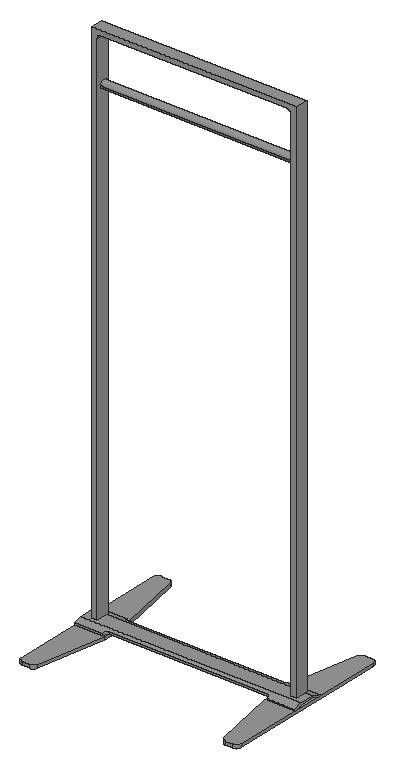
Revit family "Magnuson-Arrange-Coat_Hanger", category Furniture, Revit 2014
Parameters (values of type "Arnage-PC-P")
  Shlf Vsblty = no
  Frame = MG - Steel, Wrought
  Width = 27 15/32"  # constant formula
  URL = "www.magnusongroup.com"
  Type Comments = "Racks"  # constant formula
  Shlf Dist = 6.53082"
  Shelf = MG - Steel, Wrought
  Salvage or Reuse = yes
  Percentage of Recycled Content = 0
  Model = "Arnage-PC-P"
  Material = ""
  Manufacturer = "MAGNUSON"  # constant formula
  Low Emitting Material = yes
  Low Emitting Finish = yes
  Keynote = "12500"
  Height = 66 15/16"
  Description = "Steel Floor Rack With Hanger Rod"
  Depth = 21 85/128"  # constant formula
  Assembly Code = "E2020200"
Types (3): name | Shlf Vsblty | Shlf Dist | Model | Height | Description
  (no name) | no | 6.53082" | "Arnage-PC-P" | 66 15/16" | "Steel Floor Rack With Hanger Rod"
  Arnage-PC-PT | yes | 16 9/32" | "Arnage-PC-PT" | 72 1/4" | "Steel Floor Rack With Hanger Rod and Shelf"
  Arnage-PC-P | no | 6.53082" | "Arnage-PC-P" | 66 15/16" | "Steel Floor Rack With Hanger Rod"
Reference planes (in)
  plane 1 "Center Front/Back": y = 0
  plane 2: z = 0
  plane 3 "Center Left/Right": x = 0
  plane 4: z = 0.38139
  plane 5: z = 66.9375
  plane 6: x = 13.72682
  plane 7: x = 9.98633
  plane 8: x = -13.74193
  plane 9: x = -9.98633
  plane 10: z = 0.87764
  plane 11: y = 1.90271
  plane 12: y = -1.90271
  plane 13: y = 10.8318
  plane 14: y = -10.83226
  plane 15: z = 60.40668
Forms (in)
  Extrusion 1, solid, material "MG - Steel, Wrought" <- "Frame"
    sketch origin (0, 0, 0) x (1, 0, 0) y (0, 1, 0)
      loop
        line (-13.74193, 10.24124) -> (-13.74193, -10.20676)
        arc (-13.74193, -10.20676) -> (-13.55735, -10.65043) -> (-13.11255, -10.83226) r 0.62551
        line (-13.11255, -10.83226) -> (-12.2025, -10.83226)
        arc (-12.2025, -10.83226) -> (-11.82754, -10.69488) -> (-11.63009, -10.34778) r 0.58039
        line (-11.63009, -10.34778) -> (-9.98633, -1.96499) -> (-9.98633, 1.96723) -> (-11.63076, 10.35403)
        arc (-11.63076, 10.35403) -> (-11.83475, 10.69696) -> (-12.21029, 10.8318) r 0.59036
        line (-12.21029, 10.8318) -> (-13.15137, 10.8318)
        arc (-13.15137, 10.8318) -> (-13.56896, 10.65883) -> (-13.74193, 10.24124) r 0.59056
      loop
        arc (13.72682, 10.24124) -> (13.55385, 10.65883) -> (13.13626, 10.8318) r 0.59056
        line (13.13626, 10.8318) -> (12.19518, 10.8318)
        arc (12.19518, 10.8318) -> (11.81964, 10.69696) -> (11.61565, 10.35403) r 0.59036
        line (11.61565, 10.35403) -> (9.98633, 1.96723) -> (9.98633, -1.96499) -> (11.61498, -10.34778)
        arc (11.61498, -10.34778) -> (11.81243, -10.69488) -> (12.18739, -10.83226) r 0.58039
        line (12.18739, -10.83226) -> (13.09744, -10.83226)
        arc (13.09744, -10.83226) -> (13.54224, -10.65043) -> (13.72682, -10.20676) r 0.62551
        line (13.72682, -10.20676) -> (13.72682, 10.24124)
    from 0 to 0.38139
  Extrusion 2, solid, material "MG - Steel, Wrought" <- "Frame"
    sketch origin (0, 0, 0) x (1, 0, 0) y (0, 1, 0)
      loop
        arc (10.26192, 1.90271) -> (10.17519, 1.59861) -> (9.88789, 1.4665) r 0.37846
        line (9.88789, 1.4665) -> (-9.88789, 1.4665)
        arc (-9.88789, 1.4665) -> (-10.17519, 1.59861) -> (-10.26192, 1.90271) r 0.37846
        line (-10.26192, 1.90271) -> (-13.74193, 1.90271) -> (-13.74193, -1.90271) -> (-10.26192, -1.90271)
        arc (-10.26192, -1.90271) -> (-10.1757, -1.59778) -> (-9.88789, -1.46518) r 0.37864
        line (-9.88789, -1.46518) -> (9.88789, -1.46518)
        arc (9.88789, -1.46518) -> (10.1757, -1.59778) -> (10.26192, -1.90271) r 0.37864
        line (10.26192, -1.90271) -> (13.72682, -1.90271) -> (13.72682, 1.90271) -> (10.26192, 1.90271)
    from 0.38139 to 0.87764
  Extrusion 3, solid, material "MG - Steel, Wrought" <- "Frame"
    sketch origin (0, 0, 0) x (1, 0, 0) y (0, 0, 1)
      loop
        line (-12.72068, 66.9375) -> (-12.72068, 0.87764) -> (-12.05792, 0.87764) -> (-12.05792, 65.84198)
        arc (-12.05792, 65.84198) -> (-11.91147, 66.19553) -> (-11.55792, 66.34198) r 0.5
        line (-11.55792, 66.34198) -> (11.59745, 66.34198)
        arc (11.59745, 66.34198) -> (11.95101, 66.19553) -> (12.09745, 65.84198) r 0.5
        line (12.09745, 65.84198) -> (12.09745, 0.87764) -> (12.76022, 0.87764) -> (12.76022, 66.9375) -> (-12.72068, 66.9375)
    from -1.05773 to 0.51227
  Extrusion 4, void
    sketch origin (0, 0, 0) x (0, 1, 0) y (0, 0, 1)
      loop
        line (1.90271, 0.87764) -> (0.96593, 0.87764) -> (1.90271, 0.57172) -> (1.90271, 0.87764)
      loop
        line (-1.90271, 0.87764) -> (-1.90271, 0.57172) -> (-0.96593, 0.87764) -> (-1.90271, 0.87764)
      loop
        line (1.84093, 0.38139) -> (0.95079, 0.67392) -> (-0.94384, 0.67392) -> (-1.83961, 0.38139) -> (1.84093, 0.38139)
    from -13.74193 to 13.72682
Cuts and joins
  Extrusion 4 cuts Extrusion 2
Lines and regions (in)
  symbolic lines
    curve 1: line (-13.74193, 10.24124, 0) -> (-13.74193, -10.20676, 0)
    curve 2: arc (-13.74193, -10.20676, 0) -> (-13.55735, -10.65043, 0) -> (-13.11255, -10.83226, 0) r 0.62551
    curve 3: line (-13.11255, -10.83226, 0) -> (-12.2025, -10.83226, 0)
    curve 4: arc (-12.2025, -10.83226, 0) -> (-11.82754, -10.69488, 0) -> (-11.63009, -10.34778, 0) r 0.58039
    curve 5: line (-11.63009, -10.34778, 0) -> (-9.98633, -1.96499, 0)
    curve 6: line (-9.98633, -1.96499, 0) -> (-9.98633, 1.96723, 0)
    curve 7: line (-9.98633, 1.96723, 0) -> (-11.60734, 10.31123, 0)
    curve 8: arc (-11.60734, 10.31123, 0) -> (-11.81868, 10.67591, 0) -> (-12.21029, 10.8318, 0) r 0.64406
    curve 9: line (-12.21029, 10.8318, 0) -> (-13.15137, 10.8318, 0)
    curve 10: arc (-13.15137, 10.8318, 0) -> (-13.56896, 10.65883, 0) -> (-13.74193, 10.24124, 0) r 0.59056
    curve 11: line (13.72682, 10.17212, 0) -> (13.72682, -10.20676, 0)
    curve 12: arc (13.72682, -10.20676, 0) -> (13.54224, -10.65043, 0) -> (13.09744, -10.83226, 0) r 0.62551
    curve 13: line (13.09744, -10.83226, 0) -> (12.18739, -10.83226, 0)
    curve 14: arc (12.18739, -10.83226, 0) -> (11.81243, -10.69488, 0) -> (11.61498, -10.34778, 0) r 0.58039
    curve 15: line (11.61498, -10.34778, 0) -> (9.98633, -1.96499, 0)
    curve 16: line (9.98633, -1.96499, 0) -> (9.98633, 1.96723, 0)
    curve 17: line (9.98633, 1.96723, 0) -> (11.61565, 10.35403, 0)
    curve 18: arc (11.61565, 10.35403, 0) -> (11.81964, 10.69696, 0) -> (12.19518, 10.8318, 0) r 0.59036
    curve 19: line (12.19518, 10.8318, 0) -> (13.13626, 10.8318, 0)
    curve 20: arc (13.13626, 10.8318, 0) -> (13.57896, 10.63394, 0) -> (13.72682, 10.17212, 0) r 0.59419
    curve 21: line (-9.98633, 1.4665, 0) -> (9.98633, 1.4665, 0)
    curve 22: line (-9.98633, -1.46518, 0) -> (9.98633, -1.46518, 0)
    curve 23: line (-12.72068, 1.05773, 0) -> (-12.72068, -0.51227, 0)
    curve 24: line (-12.72068, -0.51227, 0) -> (-13.74193, -0.51227, 0)
    curve 25: line (-12.72068, 1.05773, 0) -> (-13.74193, 1.05773, 0)
    curve 26: line (12.72068, 1.05773, 0) -> (12.72068, -0.51227, 0)
    curve 27: line (12.72068, -0.51227, 0) -> (13.74193, -0.51227, 0)
    curve 28: line (12.72068, 1.05773, 0) -> (13.74193, 1.05773, 0)
Dimensions and locks (in)
  "Depth": plane 14 to plane 13
  plane 12 to plane 1 "Center Front/Back" to plane 11 = 1.90271" locked, 1.90271" locked
  "Width": plane 8 to plane 6
  equal spacing: plane 9, plane 3 "Center Left/Right", plane 7
  locked: plane 12 to Extrusion 2 sketch curve at 0.43754
  locked: plane 11 to Extrusion 2 sketch curve at 0.43622
  locked: plane 9 to Extrusion 2 sketch curve at 0.09845  (x2)
  locked: Extrusion 2 sketch curve to plane 7 at 0.09845  (x2)
  locked: plane 5 to Extrusion 3 sketch curve at 0.59552
  Extrusion 3 sketch curve to Extrusion 3 sketch curve to plane 8 = 0.66276" locked, 1.02125" locked
  Extrusion 3 sketch curve to Extrusion 3 sketch curve to plane 6 = 0.66276" locked, 0.9666" locked
  plane 11 to Extrusion 3 to plane 1 "Center Front/Back" to Extrusion 3 to plane 12 = 0.84498" locked, 1.05773" locked, 0.51227" locked, 1.39045" locked
  locked: plane 10 to Extrusion 4 sketch curve at 0.20372
  level to Extrusion 4 = 0.87764"
  "Shlf Dist": plane 5 to plane 15
  "Height": plane 5 to level
  locked: nested 1 to plane 1 "Center Front/Back" at 0.375
  curve 27 to plane 1 "Center Front/Back" to curve 28 = 0.51227" locked, 1.05773" locked
  locked: curve 26 to plane 6 at 1.00614
  curve 25 to plane 1 "Center Front/Back" to curve 24 = 1.05773" locked, 0.51227" locked
  locked: plane 8 to Extrusion 3 at 1.02125
  aligned and locked: level to plane 2
  aligned and locked: Extrusion 1 sketch curve to plane 8
  aligned and locked: Extrusion 1 sketch curve to plane 9
  aligned and locked: plane 13 to Extrusion 1 sketch curve
  aligned and locked: plane 14 to Extrusion 1 sketch curve
  aligned and locked: plane 7 to Extrusion 1 sketch curve
  aligned and locked: plane 6 to Extrusion 1 sketch curve
  aligned and locked: Extrusion 1 sketch curve to plane 13
  aligned and locked: Extrusion 1 sketch curve to plane 14
  aligned and locked: Extrusion 1 to level
  aligned and locked: plane 4 to Extrusion 1
  aligned and locked: plane 11 to Extrusion 2 sketch curve
  aligned and locked: plane 12 to Extrusion 2 sketch curve
  aligned and locked: Extrusion 2 sketch curve to plane 11
  aligned and locked: plane 6 to Extrusion 2 sketch curve
  aligned and locked: Extrusion 2 sketch curve to plane 12
  aligned and locked: Extrusion 2 to plane 4
  aligned and locked: plane 10 to Extrusion 2
  aligned and locked: Extrusion 3 sketch curve to plane 5
  aligned and locked: plane 11 to Extrusion 4 sketch curve
  aligned and locked: plane 10 to Extrusion 4 sketch curve
  aligned and locked: plane 4 to Extrusion 4 sketch curve
  aligned and locked: Extrusion 4 sketch curve to plane 12
  aligned and locked: Extrusion 4 sketch curve to plane 10
  aligned and locked: Extrusion 4 to plane 8
  aligned and locked: Extrusion 4 to plane 6
  aligned and locked: plane 15 to nested 1
  aligned and locked: nested 1 to Extrusion 3
  aligned and locked: curve 22 to cut or joined group of Extrusion 2, Extrusion 4
  aligned and locked: curve 21 to cut or joined group of Extrusion 2, Extrusion 4
Automatic sketch dimensions
  curve 1 to plane 8 = 0"
  curve 10 to plane 13 = 0"
  plane 14 to curve 2 = 0"
  curve 7 to plane 9 = 0"
  curve 22 to plane 7 = 0"
  plane 14 to curve 14 = 0"
  curve 18 to plane 13 = 0"
  curve 20 to plane 6 = 0"
  curve 10 to curve 10 = 0.59056"
  curve 2 to plane 14 = 0.6255"
  curve 1 to curve 2 = 0.62551"
  curve 24 to curve 24 = 1.02125"
  curve 10 to curve 8 = 0.91179"
  curve 8 to curve 9 = 0.02929"
  curve 4 to plane 14 = 0.58039"
  curve 2 to curve 4 = 0.91392"
  curve 5 to plane 14 = 0.48448"
  curve 7 to plane 13 = 0.52057"
  curve 8 to curve 7 = 0.63224"
  curve 15 to plane 14 = 0.48448"
  plane 7 to curve 15 = 1.62864"
  curve 17 to plane 13 = 0.47778"
  plane 7 to curve 17 = 1.62932"
  curve 14 to plane 14 = 0.58039"
  curve 18 to curve 19 = 0.57953"
  plane 6 to curve 13 = 0.62938"
  curve 12 to plane 14 = 0.6255"
  plane 6 to curve 19 = 0.59056"
  plane 12 to curve 15 = 0.06228"
  plane 12 to curve 6 = 0.06228"
  plane 11 to curve 7 = 0.06452"
  plane 11 to curve 16 = 0.06452"
  curve 11 to plane 13 = 0.65968"
  curve 28 to plane 6 = 0.01511"
  curve 27 to plane 6 = 0.01511"
  plane 8 to Extrusion 1 sketch curve = 0.59056"
  Extrusion 1 sketch curve to plane 14 = 0.6255"  (x2)
  Extrusion 1 sketch curve to Extrusion 1 sketch curve = 0.62551"
  Extrusion 1 sketch curve to Extrusion 1 sketch curve = 0.94108"
  Extrusion 1 sketch curve to plane 14 = 0.58039"  (x2)
  Extrusion 1 sketch curve to Extrusion 1 sketch curve = 0.91392"
  Extrusion 1 sketch curve to plane 13 = 0.47778"  (x2)
  Extrusion 1 sketch curve to Extrusion 1 sketch curve = 0.57953"  (x2)
  Extrusion 1 sketch curve to plane 14 = 0.48448"  (x2)
  plane 7 to Extrusion 1 sketch curve = 1.62864"
  plane 7 to Extrusion 1 sketch curve = 1.62932"
  plane 6 to Extrusion 1 sketch curve = 0.62938"
  Extrusion 1 sketch curve to Extrusion 1 sketch curve = 0.59056"
  plane 12 to Extrusion 1 sketch curve = 0.06228"  (x2)
  plane 11 to Extrusion 1 sketch curve = 0.06452"  (x2)
  Extrusion 2 sketch curve to plane 8 = 0"
  plane 9 to Extrusion 2 sketch curve = 0.27558"  (x2)
  plane 7 to Extrusion 2 sketch curve = 0.27558"  (x2)
  Extrusion 3 sketch curve to plane 10 = 0"  (x2)
  Extrusion 3 sketch curve to Extrusion 3 sketch curve = 1/2"  (x2)
  Extrusion 4 sketch curve to plane 12 = 0.0631"
  Extrusion 4 sketch curve to Extrusion 4 sketch curve = 0.93678"
  Extrusion 4 sketch curve to Extrusion 4 sketch curve = 0.02209"
  Extrusion 4 sketch curve to plane 1 "Center Front/Back" = 0.95079"
  Extrusion 4 sketch curve to Extrusion 4 sketch curve = 0.01514"
  Extrusion 4 sketch curve to plane 11 = 0.06178"
  plane 4 to Extrusion 4 sketch curve = 0.19033"  (x2)
Nested families (in)
  nested 1: "Shelf" at (0.22269, 0.375, 60.40668), Shelf <- "Shelf", Shlf Vsblty <- "Shlf Vsblty", type "Sh"
    with Shlf Vsblty no, Shelf MG - Steel, Wrought
Definition of nested family "Shelf"
  Parameters (values of type "Sh")
    URL = ""
    Type Comments = ""
    Shlf Vsblty [instance] = yes
    Shelf [instance] = none
    Model = ""
    Manufacturer = ""
    Keynote = ""
    Description = ""
    Assembly Code = ""
  Types (3): name | URL | Type Comments | Model | Manufacturer | Keynote | Description | Assembly Code
    (no name) | "" | "" | "" | "" | "" | "" | ""
    Sh | "" | "" | "" | "" | "" | "" | ""
    Flap-4 | "www.magnusongroup.com" | "Shelving" | "Flap-4" | "MAGNUSON" | "12500" | "Hanging Magazine Rack, 4 Shelves" | "E2020200"
  Reference planes (in)
    plane 1 "Center Front/Back": y = 0
    plane 2: z = 0
    plane 3 "Center Left/Right": x = 0
    plane 4: x = 13.72682
    plane 5: x = -13.72682
  Forms (in)
    Extrusion 1, solid, material <- "Shelf", visible <- "Shlf Vsblty"
      sketch origin (0, 0, 0) x (0, 1, 0) y (0, 0, 1)
        loop
          line (1.1599, 2.03201) -> (6.81569, 2.52683) -> (6.81569, 3.00459) -> (-7.04166, 3.00459) -> (-7.04166, 2.52683) -> (-1.38587, 2.03201)
          arc (-1.38587, 2.03201) -> (-1.20857, 1.97696) -> (-1.07006, 1.85333) r 0.4375
          line (-1.07006, 1.85333) -> (-0.46802, 1.02469)
          arc (-0.46802, 1.02469) -> (-0.11299, 0.8438) -> (0.24204, 1.02469) r 0.43884
          line (0.24204, 1.02469) -> (0.84409, 1.85333)
          arc (0.84409, 1.85333) -> (0.9826, 1.97696) -> (1.1599, 2.03201) r 0.4375
      from -12.28061 to 11.85965
    Extrusion 2, void
      sketch origin (0, 0, 0) x (1, 0, 0) y (0, 0, 1)
        loop
          line (-12.03061, 0.63626) -> (11.60965, 0.63626) -> (11.60965, 1.96777) -> (-12.03061, 1.96777) -> (-12.03061, 0.63626)
      from -2 to 2
    Extrusion 3, solid, material <- "Shelf"
      sketch origin (0, 0, 0) x (0, 1, 0) y (0, 0, 1)
        loop
          circle (0, 0) r 0.48845
      from -12.28061 to 11.85965
  Cuts and joins
    Extrusion 2 cuts Extrusion 1
  Lines and regions (in)
    symbolic lines, visible <- "Shlf Vsblty"
      curve 1: line (11.85965, 6.81569, 0) -> (-12.28061, 6.81569, 0)
      curve 2: line (-12.28061, 6.81569, 0) -> (-12.28061, -7.04166, 0)
      curve 3: line (-12.28061, -7.04166, 0) -> (11.85965, -7.04166, 0)
      curve 4: line (11.85965, -7.04166, 0) -> (11.85965, 6.81569, 0)
    symbolic lines, style "FurnitureHiddenLines", detail levels fine
      curve 5: line (-12.28061, 0.5, 0) -> (11.85965, 0.5, 0)
      curve 6: line (-12.28061, -0.5, 0) -> (11.85965, -0.5, 0)
  Dimensions and locks (in)
    locked: plane 5 to plane 4 at 27.45364
    Extrusion 1 sketch curve to plane 1 "Center Front/Back" to Extrusion 1 sketch curve to Extrusion 1 sketch curve = 1.19803" locked, 0.11299" locked, 1.31102" locked
    Extrusion 1 sketch curve to plane 1 "Center Front/Back" to Extrusion 1 sketch curve = 6.81569" locked, 7.04166" locked
    locked: level to Extrusion 1 sketch curve at 3.00459
    Extrusion 2 sketch curve to Extrusion 2 sketch curve to level = 1.33151", 0.63626" locked
    equal spacing: Extrusion 2, plane 1 "Center Front/Back", Extrusion 2, locked at 2 each
    Extrusion 2 sketch curve to plane 3 "Center Left/Right" to Extrusion 2 sketch curve = 11.60965" locked, 12.03061" locked
    aligned and locked: level to plane 2
    aligned and locked: curve 2 to cut or joined group of Extrusion 1, Extrusion 2
    aligned and locked: curve 1 to cut or joined group of Extrusion 1, Extrusion 2
    aligned and locked: curve 4 to cut or joined group of Extrusion 1, Extrusion 2
    aligned and locked: cut or joined group of Extrusion 1, Extrusion 2 to Extrusion 3
    aligned and locked: Extrusion 3 to cut or joined group of Extrusion 1, Extrusion 2
  Automatic sketch dimensions
    plane 1 "Center Front/Back" to curve 4 = 7.04166"
    curve 5 to plane 1 "Center Front/Back" = 1/2"
    plane 1 "Center Front/Back" to curve 6 = 1/2"
    Extrusion 1 sketch curve to Extrusion 1 sketch curve = 0.03813"
    Extrusion 1 sketch curve to Extrusion 1 sketch curve = 0.31581"  (x2)
    Extrusion 1 sketch curve to Extrusion 1 sketch curve = 0.35503"
    Extrusion 1 sketch curve to plane 1 "Center Front/Back" = 0.24204"
    Extrusion 1 sketch curve to Extrusion 1 sketch curve = 0.35395"
    level to Extrusion 1 sketch curve = 1.02469"
    Extrusion 1 sketch curve to Extrusion 1 sketch curve = 0.25794"
    Extrusion 1 sketch curve to Extrusion 1 sketch curve = 0.57148"  (x2)
    Extrusion 1 sketch curve to Extrusion 1 sketch curve = 0.25716"  (x2)
    Extrusion 1 sketch curve to Extrusion 1 sketch curve = 0.47776"  (x2)
    Extrusion 3 sketch curve to level = 0"
    Extrusion 3 sketch curve to plane 1 "Center Front/Back" = 0"
    radius of Extrusion 3 sketch curve = 0.48845"
